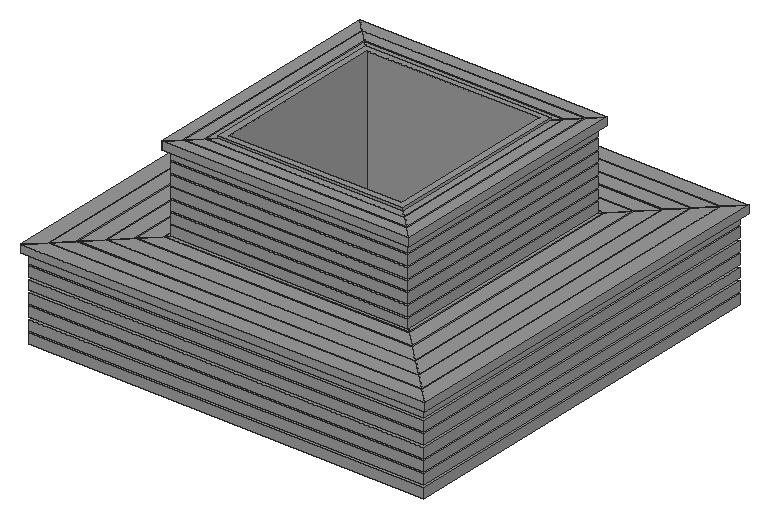
Revit family "12280 Клумба цветочница со скамьёй Хоббика", category Антураж, Revit 2018
Family settings
  На основе рабочей плоскости = Нет
  Всегда вертикально = Да
  При загрузке вырезать с полостями = Нет
  Источник визуального образа = Геометрия семейства
  Общий = Нет
  Точка расчета площади = Нет
Parameters (values of type "Клумба цветочница со скамьёй")
  Ширина = 2080 mm  # constant formula
  Цвет отделки = Сосна
  Цвет каркаса = Дерево
  Описание = "Клумба цветочница со скамьёй"  # constant formula
  Материал изделия = "Сталь, дерево, съемная оцинкованная вставка"  # constant formula
  Изображение типоразмера = Клумба цветочница со скамьёй Арт 12280.jpeg
  Изготовитель = "ООО «Хоббика»"  # constant formula
  Длина = 2080 mm  # constant formula
  Группа модели = "Цветочницы и уличные вазоны для цветов"  # constant formula
  Высота = 910 mm  # constant formula
  Артикул товара = "Арт. 12280"  # constant formula
  URL = "https://hobbyka.ru/product/klumba_tsvetochnitsa_so_skamyey"
Reference planes
  plane 1 "По центру (Вперед/Назад)": y = 0
  plane 2: z = 0
  plane 3 "По центру (Влево/Вправо)": x = 0
  plane 4: y = 2080
  plane 5: x = 2080
  plane 6: z = 910
Forms (mm)
  Extrusion 1, solid, material "Сосна" <- "Цвет отделки"
    sketch origin (2080, 2080, 0) x (-1, 0, 0) y (0, -1, 0)
      loop
        line (0, 1) -> (80, 81) -> (80, 1999) -> (0, 2079) -> (0, 1)
      loop
        line (162.5, 1916.5) -> (82.5, 1996.5) -> (82.5, 83.5) -> (162.5, 163.5) -> (162.5, 1916.5)
      loop
        line (245, 1834) -> (165, 1914) -> (165, 166) -> (245, 246) -> (245, 1834)
      loop
        line (327.5, 1751.5) -> (247.5, 1831.5) -> (247.5, 248.5) -> (327.5, 328.5) -> (327.5, 1751.5)
      loop
        line (410, 1669) -> (330, 1749) -> (330, 331) -> (410, 411) -> (410, 1669)
      loop
        line (2080, 1) -> (2080, 2079) -> (2000, 1999) -> (2000, 81) -> (2080, 1)
      loop
        line (1917.5, 1916.5) -> (1917.5, 163.5) -> (1997.5, 83.5) -> (1997.5, 1996.5) -> (1917.5, 1916.5)
      loop
        line (1835, 1834) -> (1835, 246) -> (1915, 166) -> (1915, 1914) -> (1835, 1834)
      loop
        line (1752.5, 1751.5) -> (1752.5, 328.5) -> (1832.5, 248.5) -> (1832.5, 1831.5) -> (1752.5, 1751.5)
      loop
        line (1670, 1669) -> (1670, 411) -> (1750, 331) -> (1750, 1749) -> (1670, 1669)
      loop
        line (1, 2080) -> (81, 2000) -> (1999, 2000) -> (2079, 2080) -> (1, 2080)
      loop
        line (1916.5, 1917.5) -> (1996.5, 1997.5) -> (83.5, 1997.5) -> (163.5, 1917.5) -> (1916.5, 1917.5)
      loop
        line (1834, 1835) -> (1914, 1915) -> (166, 1915) -> (246, 1835) -> (1834, 1835)
      loop
        line (1751.5, 1752.5) -> (1831.5, 1832.5) -> (248.5, 1832.5) -> (328.5, 1752.5) -> (1751.5, 1752.5)
      loop
        line (1669, 1670) -> (1749, 1750) -> (331, 1750) -> (411, 1670) -> (1669, 1670)
      loop
        line (1, 0) -> (2079, 0) -> (1999, 80) -> (81, 80) -> (1, 0)
      loop
        line (1916.5, 162.5) -> (163.5, 162.5) -> (83.5, 82.5) -> (1996.5, 82.5) -> (1916.5, 162.5)
      loop
        line (1834, 245) -> (246, 245) -> (166, 165) -> (1914, 165) -> (1834, 245)
      loop
        line (1751.5, 327.5) -> (328.5, 327.5) -> (248.5, 247.5) -> (1831.5, 247.5) -> (1751.5, 327.5)
      loop
        line (1669, 410) -> (411, 410) -> (331, 330) -> (1749, 330) -> (1669, 410)
      loop
        line (1586.5, 1587.5) -> (1666.5, 1667.5) -> (413.5, 1667.5) -> (493.5, 1587.5) -> (1586.5, 1587.5)
      loop
        line (1586.5, 492.5) -> (493.5, 492.5) -> (413.5, 412.5) -> (1666.5, 412.5) -> (1586.5, 492.5)
      loop
        line (1587.5, 493.5) -> (1667.5, 413.5) -> (1667.5, 1666.5) -> (1587.5, 1586.5) -> (1587.5, 493.5)
      loop
        line (492.5, 493.5) -> (492.5, 1586.5) -> (412.5, 1666.5) -> (412.5, 413.5) -> (492.5, 493.5)
    from 420 to 460
  Extrusion 2, solid, material "Сосна" <- "Цвет отделки"
    sketch origin (2080, 2080, 0) x (-1, 0, 0) y (0, -1, 0)
      loop
        line (1552.5, 1551.5) -> (1552.5, 528.5) -> (1612.5, 468.5) -> (1612.5, 1611.5) -> (1552.5, 1551.5)
      loop
        line (1490, 1489) -> (1490, 591) -> (1550, 531) -> (1550, 1549) -> (1490, 1489)
      loop
        line (1615, 1614) -> (1615, 466) -> (1675, 406) -> (1675, 1674) -> (1615, 1614)
      loop
        line (527.5, 1551.5) -> (467.5, 1611.5) -> (467.5, 468.5) -> (527.5, 528.5) -> (527.5, 1551.5)
      loop
        line (590, 1489) -> (530, 1549) -> (530, 531) -> (590, 591) -> (590, 1489)
      loop
        line (465, 1614) -> (405, 1674) -> (405, 406) -> (465, 466) -> (465, 1614)
      loop
        line (528.5, 1552.5) -> (1551.5, 1552.5) -> (1611.5, 1612.5) -> (468.5, 1612.5) -> (528.5, 1552.5)
      loop
        line (591, 1490) -> (1489, 1490) -> (1549, 1550) -> (531, 1550) -> (591, 1490)
      loop
        line (466, 1615) -> (1614, 1615) -> (1674, 1675) -> (406, 1675) -> (466, 1615)
      loop
        line (528.5, 527.5) -> (468.5, 467.5) -> (1611.5, 467.5) -> (1551.5, 527.5) -> (528.5, 527.5)
      loop
        line (591, 590) -> (531, 530) -> (1549, 530) -> (1489, 590) -> (591, 590)
      loop
        line (466, 465) -> (406, 405) -> (1674, 405) -> (1614, 465) -> (466, 465)
    from 860 to 900
  Sweep 3, solid, material "Дерево" <- "Цвет каркаса"
    path origin (0, 0, -185) x (1, 0, 0) y (0, 1, 0)
      loop
        line (25, 2055) -> (25, 25) -> (2054, 25) -> (2054, 2055) -> (25, 2055)
    profile origin (1039.5, 2055, -185) x (0, 1, 0) y (0, 0, 1)
      loop
        line (0, 185) -> (0, 235) -> (-105, 235) -> (-105, 185) -> (0, 185)
  Sweep 4, solid, material "Дерево" <- "Цвет каркаса"
    path origin (0, 0, 185) x (1, 0, 0) y (0, 1, 0)
      loop
        line (25, 2055) -> (25, 25) -> (2054, 25) -> (2054, 2055) -> (25, 2055)
    profile origin (1039.5, 2055, 185) x (0, 1, 0) y (0, 0, 1)
      loop
        line (0, 185) -> (0, 235) -> (-105, 235) -> (-105, 185) -> (0, 185)
  Sweep 5, solid, material "Дерево" <- "Цвет каркаса"
    path origin (0, 0, -123.333) x (1, 0, 0) y (0, 1, 0)
      loop
        line (25, 2055) -> (25, 25) -> (2054, 25) -> (2054, 2055) -> (25, 2055)
    profile origin (1039.5, 2055, -123.333) x (0, 1, 0) y (0, 0, 1)
      loop
        line (0, 185) -> (0, 235) -> (-105, 235) -> (-105, 185) -> (0, 185)
  Sweep 6, solid, material "Дерево" <- "Цвет каркаса"
    path origin (0, 0, -61.667) x (1, 0, 0) y (0, 1, 0)
      loop
        line (25, 2055) -> (25, 25) -> (2054, 25) -> (2054, 2055) -> (25, 2055)
    profile origin (1039.5, 2055, -61.667) x (0, 1, 0) y (0, 0, 1)
      loop
        line (0, 185) -> (0, 235) -> (-105, 235) -> (-105, 185) -> (0, 185)
  Sweep 7, solid, material "Дерево" <- "Цвет каркаса"
    path origin (0, 0, 0) x (1, 0, 0) y (0, 1, 0)
      loop
        line (25, 2055) -> (25, 25) -> (2054, 25) -> (2054, 2055) -> (25, 2055)
    profile origin (1039.5, 2055, 0) x (0, 1, 0) y (0, 0, 1)
      loop
        line (0, 185) -> (0, 235) -> (-105, 235) -> (-105, 185) -> (0, 185)
  Sweep 8, solid, material "Дерево" <- "Цвет каркаса"
    path origin (0, 0, 61.667) x (1, 0, 0) y (0, 1, 0)
      loop
        line (25, 2055) -> (25, 25) -> (2054, 25) -> (2054, 2055) -> (25, 2055)
    profile origin (1039.5, 2055, 61.667) x (0, 1, 0) y (0, 0, 1)
      loop
        line (0, 185) -> (0, 235) -> (-105, 235) -> (-105, 185) -> (0, 185)
  Sweep 9, solid, material "Дерево" <- "Цвет каркаса"
    path origin (0, 0, 123.333) x (1, 0, 0) y (0, 1, 0)
      loop
        line (25, 2055) -> (25, 25) -> (2054, 25) -> (2054, 2055) -> (25, 2055)
    profile origin (1039.5, 2055, 123.333) x (0, 1, 0) y (0, 0, 1)
      loop
        line (0, 185) -> (0, 235) -> (-105, 235) -> (-105, 185) -> (0, 185)
  Sweep 10, solid, material "Дерево" <- "Цвет каркаса"
    path origin (0, 0, -175) x (1, 0, 0) y (0, 1, 0)
      loop
        line (430, 1650) -> (430, 430) -> (1650, 430) -> (1650, 1650) -> (430, 1650)
    profile origin (1040, 1650, -175) x (0, 1, 0) y (0, 0, 1)
      loop
        line (0, 635) -> (0, 685) -> (-105, 685) -> (-105, 635) -> (0, 635)
  Sweep 11, solid, material "Дерево" <- "Цвет каркаса"
    path origin (0, 0, 175) x (1, 0, 0) y (0, 1, 0)
      loop
        line (430, 1650) -> (430, 430) -> (1650, 430) -> (1650, 1650) -> (430, 1650)
    profile origin (1040, 1650, 175) x (0, 1, 0) y (0, 0, 1)
      loop
        line (0, 635) -> (0, 685) -> (-105, 685) -> (-105, 635) -> (0, 635)
  Sweep 12, solid, material "Дерево" <- "Цвет каркаса"
    path origin (0, 0, -116.667) x (1, 0, 0) y (0, 1, 0)
      loop
        line (430, 1650) -> (430, 430) -> (1650, 430) -> (1650, 1650) -> (430, 1650)
    profile origin (1040, 1650, -116.667) x (0, 1, 0) y (0, 0, 1)
      loop
        line (0, 635) -> (0, 685) -> (-105, 685) -> (-105, 635) -> (0, 635)
  Sweep 13, solid, material "Дерево" <- "Цвет каркаса"
    path origin (0, 0, -58.333) x (1, 0, 0) y (0, 1, 0)
      loop
        line (430, 1650) -> (430, 430) -> (1650, 430) -> (1650, 1650) -> (430, 1650)
    profile origin (1040, 1650, -58.333) x (0, 1, 0) y (0, 0, 1)
      loop
        line (0, 635) -> (0, 685) -> (-105, 685) -> (-105, 635) -> (0, 635)
  Sweep 14, solid, material "Дерево" <- "Цвет каркаса"
    path origin (0, 0, 0) x (1, 0, 0) y (0, 1, 0)
      loop
        line (430, 1650) -> (430, 430) -> (1650, 430) -> (1650, 1650) -> (430, 1650)
    profile origin (1040, 1650, 0) x (0, 1, 0) y (0, 0, 1)
      loop
        line (0, 635) -> (0, 685) -> (-105, 685) -> (-105, 635) -> (0, 635)
  Sweep 15, solid, material "Дерево" <- "Цвет каркаса"
    path origin (0, 0, 58.333) x (1, 0, 0) y (0, 1, 0)
      loop
        line (430, 1650) -> (430, 430) -> (1650, 430) -> (1650, 1650) -> (430, 1650)
    profile origin (1040, 1650, 58.333) x (0, 1, 0) y (0, 0, 1)
      loop
        line (0, 635) -> (0, 685) -> (-105, 685) -> (-105, 635) -> (0, 635)
  Sweep 16, solid, material "Дерево" <- "Цвет каркаса"
    path origin (0, 0, 116.667) x (1, 0, 0) y (0, 1, 0)
      loop
        line (430, 1650) -> (430, 430) -> (1650, 430) -> (1650, 1650) -> (430, 1650)
    profile origin (1040, 1650, 116.667) x (0, 1, 0) y (0, 0, 1)
      loop
        line (0, 635) -> (0, 685) -> (-105, 685) -> (-105, 635) -> (0, 635)
  Extrusion 17, solid, material "Сталь"
    sketch origin (0, 0, 0) x (1, 0, 0) y (0, 1, 0)
      loop
        line (566, 1515) -> (566, 565) -> (1514, 565) -> (1514, 1515) -> (566, 1515)
      loop
        line (591, 1490) -> (591, 590) -> (1489, 590) -> (1489, 1490) -> (591, 1490)
    from 900 to 910
  Extrusion 18, solid, material "Сталь"
    sketch origin (0, 0, 0) x (1, 0, 0) y (0, 1, 0)
      loop
        line (591, 1490) -> (591, 590) -> (1489, 590) -> (1489, 1490) -> (591, 1490)
      loop
        line (596, 1485) -> (596, 595) -> (1484, 595) -> (1484, 1485) -> (596, 1485)
    from 0 to 910
  Extrusion 19, solid, material "Сталь"
    sketch origin (0, 0, 0) x (1, 0, 0) y (0, 1, 0)
      loop
        line (596, 1485) -> (596, 595) -> (1484, 595) -> (1484, 1485) -> (596, 1485)
    from 0 to 5
Cuts and joins
  joined: Extrusion 17, Extrusion 18, Extrusion 19
Dimensions and locks
  "Ширина": plane 4 to plane 1 "По центру (Вперед/Назад)"
  "Длина": plane 3 "По центру (Влево/Вправо)" to plane 5
  "Высота": plane 6 to plane 2
  aligned and locked: level to plane 2
Automatic sketch dimensions
  Extrusion 2 sketch curve to plane 5 = 405 mm
  Extrusion 2 sketch curve to Extrusion 2 sketch curve = 1 mm  (x36)
  Extrusion 2 sketch curve to Extrusion 2 sketch curve = 60 mm  (x18)
  Extrusion 2 sketch curve to Extrusion 2 sketch curve = 2.5 mm  (x12)
  plane 3 "По центру (Влево/Вправо)" to Extrusion 2 sketch curve = 591 mm  (x2)
  Extrusion 2 sketch curve to plane 4 = 405 mm
  Extrusion 2 sketch curve to plane 1 "По центру (Вперед/Назад)" = 591 mm  (x2)
  Sweep 3 sketch curve to profile plane = 0 mm
  profile plane to Sweep 3 sketch curve = 105 mm
  Sweep 3 sketch curve to Sweep 3 sketch curve = 2029 mm
  Sweep 3 sketch curve to Sweep 3 sketch curve = 2030 mm
  profile plane to Sweep 3 sketch curve = 185 mm
  profile plane to Sweep 3 sketch curve = 235 mm
  Sweep 4 sketch curve to profile plane = 0 mm
  profile plane to Sweep 4 sketch curve = 105 mm
  Sweep 4 sketch curve to Sweep 4 sketch curve = 2029 mm
  Sweep 4 sketch curve to Sweep 4 sketch curve = 2030 mm
  profile plane to Sweep 4 sketch curve = 185 mm
  profile plane to Sweep 4 sketch curve = 235 mm
  Sweep 5 sketch curve to profile plane = 0 mm
  profile plane to Sweep 5 sketch curve = 105 mm
  Sweep 5 sketch curve to Sweep 5 sketch curve = 2029 mm
  Sweep 5 sketch curve to Sweep 5 sketch curve = 2030 mm
  profile plane to Sweep 5 sketch curve = 185 mm
  profile plane to Sweep 5 sketch curve = 235 mm
  Sweep 6 sketch curve to profile plane = 0 mm
  profile plane to Sweep 6 sketch curve = 105 mm
  Sweep 6 sketch curve to Sweep 6 sketch curve = 2029 mm
  Sweep 6 sketch curve to Sweep 6 sketch curve = 2030 mm
  profile plane to Sweep 6 sketch curve = 185 mm
  profile plane to Sweep 6 sketch curve = 235 mm
  Sweep 7 sketch curve to profile plane = 0 mm
  profile plane to Sweep 7 sketch curve = 105 mm
  Sweep 7 sketch curve to Sweep 7 sketch curve = 2029 mm
  Sweep 7 sketch curve to Sweep 7 sketch curve = 2030 mm
  profile plane to Sweep 7 sketch curve = 185 mm
  profile plane to Sweep 7 sketch curve = 235 mm
  Sweep 8 sketch curve to profile plane = 0 mm
  profile plane to Sweep 8 sketch curve = 105 mm
  Sweep 8 sketch curve to Sweep 8 sketch curve = 2029 mm
  Sweep 8 sketch curve to Sweep 8 sketch curve = 2030 mm
  profile plane to Sweep 8 sketch curve = 185 mm
  profile plane to Sweep 8 sketch curve = 235 mm
  Sweep 9 sketch curve to profile plane = 0 mm
  profile plane to Sweep 9 sketch curve = 105 mm
  Sweep 9 sketch curve to Sweep 9 sketch curve = 2029 mm
  Sweep 9 sketch curve to Sweep 9 sketch curve = 2030 mm
  profile plane to Sweep 9 sketch curve = 185 mm
  profile plane to Sweep 9 sketch curve = 235 mm
  Sweep 10 sketch curve to profile plane = 0 mm
  profile plane to Sweep 10 sketch curve = 105 mm
  Sweep 10 sketch curve to Sweep 10 sketch curve = 50 mm
  Sweep 10 sketch curve to Sweep 10 sketch curve = 1220 mm  (x2)
  profile plane to Sweep 10 sketch curve = 635 mm
  Sweep 11 sketch curve to profile plane = 0 mm
  profile plane to Sweep 11 sketch curve = 105 mm
  Sweep 11 sketch curve to Sweep 11 sketch curve = 50 mm
  Sweep 11 sketch curve to Sweep 11 sketch curve = 1220 mm  (x2)
  profile plane to Sweep 11 sketch curve = 635 mm
  Sweep 12 sketch curve to profile plane = 0 mm
  profile plane to Sweep 12 sketch curve = 105 mm
  Sweep 12 sketch curve to Sweep 12 sketch curve = 50 mm
  Sweep 12 sketch curve to Sweep 12 sketch curve = 1220 mm  (x2)
  profile plane to Sweep 12 sketch curve = 635 mm
  Sweep 13 sketch curve to profile plane = 0 mm
  profile plane to Sweep 13 sketch curve = 105 mm
  Sweep 13 sketch curve to Sweep 13 sketch curve = 50 mm
  Sweep 13 sketch curve to Sweep 13 sketch curve = 1220 mm  (x2)
  profile plane to Sweep 13 sketch curve = 635 mm
  Sweep 14 sketch curve to profile plane = 0 mm
  profile plane to Sweep 14 sketch curve = 105 mm
  Sweep 14 sketch curve to Sweep 14 sketch curve = 50 mm
  Sweep 14 sketch curve to Sweep 14 sketch curve = 1220 mm  (x2)
  profile plane to Sweep 14 sketch curve = 635 mm
  Sweep 15 sketch curve to profile plane = 0 mm
  profile plane to Sweep 15 sketch curve = 105 mm
  Sweep 15 sketch curve to Sweep 15 sketch curve = 50 mm
  Sweep 15 sketch curve to Sweep 15 sketch curve = 1220 mm  (x2)
  profile plane to Sweep 15 sketch curve = 635 mm
  Sweep 16 sketch curve to profile plane = 0 mm
  profile plane to Sweep 16 sketch curve = 105 mm
  Sweep 16 sketch curve to Sweep 16 sketch curve = 50 mm
  Sweep 16 sketch curve to Sweep 16 sketch curve = 1220 mm  (x2)
  profile plane to Sweep 16 sketch curve = 635 mm
  plane 3 "По центру (Влево/Вправо)" to Extrusion 17 sketch curve = 566 mm
  Extrusion 17 sketch curve to plane 5 = 566 mm
  Extrusion 17 sketch curve to plane 1 "По центру (Вперед/Назад)" = 565 mm
  Extrusion 17 sketch curve to plane 4 = 565 mm
  Extrusion 17 sketch curve to Extrusion 17 sketch curve = 25 mm  (x4)
  plane 3 "По центру (Влево/Вправо)" to Extrusion 18 sketch curve = 591 mm
  Extrusion 18 sketch curve to plane 5 = 591 mm
  Extrusion 18 sketch curve to plane 1 "По центру (Вперед/Назад)" = 590 mm
  Extrusion 18 sketch curve to plane 4 = 590 mm
  Extrusion 18 sketch curve to Extrusion 18 sketch curve = 5 mm  (x4)
  plane 3 "По центру (Влево/Вправо)" to Extrusion 19 sketch curve = 596 mm
  Extrusion 19 sketch curve to plane 5 = 596 mm
  Extrusion 19 sketch curve to plane 1 "По центру (Вперед/Назад)" = 595 mm
  Extrusion 19 sketch curve to plane 4 = 595 mm
  Extrusion 1 sketch curve to plane 5 = 0 mm
  plane 1 "По центру (Вперед/Назад)" to Extrusion 1 sketch curve = 0 mm
  Extrusion 1 sketch curve to plane 4 = 0 mm
  Extrusion 1 sketch curve to plane 3 "По центру (Влево/Вправо)" = 0 mm
  Extrusion 1 sketch curve to plane 5 = 1 mm  (x2)
  Extrusion 1 sketch curve to plane 5 = 80 mm
  Extrusion 1 sketch curve to Extrusion 1 sketch curve = 1 mm  (x66)
  Extrusion 1 sketch curve to Extrusion 1 sketch curve = 2.5 mm  (x30)
  Extrusion 1 sketch curve to Extrusion 1 sketch curve = 80 mm  (x26)
  plane 3 "По центру (Влево/Вправо)" to Extrusion 1 sketch curve = 493.5 mm  (x2)
  plane 3 "По центру (Влево/Вправо)" to Extrusion 1 sketch curve = 83.5 mm  (x2)
  plane 3 "По центру (Влево/Вправо)" to Extrusion 1 sketch curve = 1 mm  (x2)
  Extrusion 1 sketch curve to plane 4 = 1 mm  (x2)
  Extrusion 1 sketch curve to plane 4 = 80 mm
  Extrusion 1 sketch curve to plane 1 "По центру (Вперед/Назад)" = 493.5 mm  (x2)
  Extrusion 1 sketch curve to plane 1 "По центру (Вперед/Назад)" = 83.5 mm  (x2)
  Extrusion 1 sketch curve to plane 1 "По центру (Вперед/Назад)" = 1 mm  (x2)
  plane 3 "По центру (Влево/Вправо)" to Sweep 3 sketch curve = 25 mm
  Sweep 3 sketch curve to plane 1 "По центру (Вперед/Назад)" = 25 mm
  plane 3 "По центру (Влево/Вправо)" to Sweep 4 sketch curve = 25 mm
  Sweep 4 sketch curve to plane 1 "По центру (Вперед/Назад)" = 25 mm
  plane 3 "По центру (Влево/Вправо)" to Sweep 5 sketch curve = 25 mm
  Sweep 5 sketch curve to plane 1 "По центру (Вперед/Назад)" = 25 mm
  plane 3 "По центру (Влево/Вправо)" to Sweep 6 sketch curve = 25 mm
  Sweep 6 sketch curve to plane 1 "По центру (Вперед/Назад)" = 25 mm
  plane 3 "По центру (Влево/Вправо)" to Sweep 7 sketch curve = 25 mm
  Sweep 7 sketch curve to plane 1 "По центру (Вперед/Назад)" = 25 mm
  plane 3 "По центру (Влево/Вправо)" to Sweep 8 sketch curve = 25 mm
  Sweep 8 sketch curve to plane 1 "По центру (Вперед/Назад)" = 25 mm
  plane 3 "По центру (Влево/Вправо)" to Sweep 9 sketch curve = 25 mm
  Sweep 9 sketch curve to plane 1 "По центру (Вперед/Назад)" = 25 mm
  plane 3 "По центру (Влево/Вправо)" to Sweep 10 sketch curve = 430 mm
  Sweep 10 sketch curve to plane 1 "По центру (Вперед/Назад)" = 430 mm
  plane 3 "По центру (Влево/Вправо)" to Sweep 11 sketch curve = 430 mm
  Sweep 11 sketch curve to plane 1 "По центру (Вперед/Назад)" = 430 mm
  plane 3 "По центру (Влево/Вправо)" to Sweep 12 sketch curve = 430 mm
  Sweep 12 sketch curve to plane 1 "По центру (Вперед/Назад)" = 430 mm
  plane 3 "По центру (Влево/Вправо)" to Sweep 13 sketch curve = 430 mm
  Sweep 13 sketch curve to plane 1 "По центру (Вперед/Назад)" = 430 mm
  plane 3 "По центру (Влево/Вправо)" to Sweep 14 sketch curve = 430 mm
  Sweep 14 sketch curve to plane 1 "По центру (Вперед/Назад)" = 430 mm
  plane 3 "По центру (Влево/Вправо)" to Sweep 15 sketch curve = 430 mm
  Sweep 15 sketch curve to plane 1 "По центру (Вперед/Назад)" = 430 mm
  plane 3 "По центру (Влево/Вправо)" to Sweep 16 sketch curve = 430 mm
  Sweep 16 sketch curve to plane 1 "По центру (Вперед/Назад)" = 430 mm
